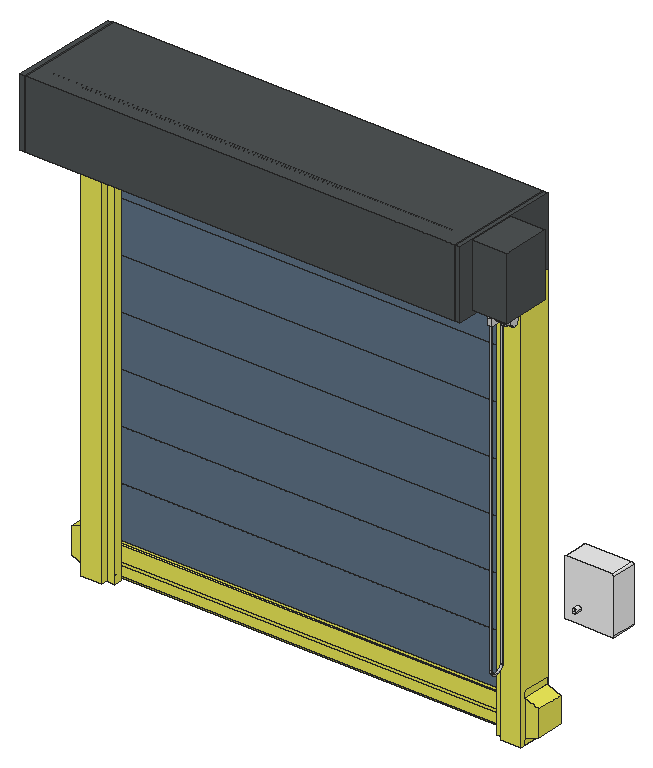
Revit family "Doors_Other_Overhead-Door-Corporation_High-Speed-Freezer-and-Cooler-Door-997_new_", category Specialty Equipment, host Wall, Revit 2019
Family settings
  Host = Wall
  Round Connector Dimension = Use Diameter
  Part Type = Normal
  OmniClass Number = 23.30.10.21.34
  OmniClass Title = Industrial Doors
  Always vertical = Yes
  Cut with Voids When Loaded = No
  Shared = No
  Room Calculation Point = No
Parameters (values of type "230 volts, three phase, 60 Hz (208-245V range)")
  Voltage Option = if(Voltage = 230 V, 1, if(Voltage = 460 V, 2, 3))  # 1
  True Width [instance] = [Door Width (Real)]  # 10' - 0"
  True Height [instance] = [Door Height (Real)]  # 10' - 0"
  Slat Height = 1' - 4"  # constant formula
  Product Page URL = "https://www.overheaddoor.com/high-speed-doors-997"
  Powder Coat (Note) = "PowderGuard® Premium powder coat options are available in approximately 200 colors as well as custom matching to specification. "  # constant formula
  Panel Material [instance] = Insulated Vinyl - Overhead Door - Blue
  Panel Length [instance] = [Door Width (Real)] + 0' 5"  # 10' - 5"
  Motor Cover [instance] = yes
  Hood Material = Metal - Overhead Door - Black
  Headroom Height [instance] = if(and([Door Height (Real)] > 8' 0", Air Curtain Option < 3), 3' 6", 3' 0")  # 3' - 6"
  External Transformer [instance] = if(Air Curtain Option = 2, 1 = 1, 1 = 2)  # no
  Door Width (Real) [instance] = if(Door Width > Max Door Width, Max Door Width, if(Door Width < Min Door Width, Min Door Width, Door Width))  # 10' - 0"
  Door Height (Real) [instance] = if(Door Height > Max Door Height, Max Door Height, if(Door Height < Min Door Height, Min Door Height, Door Height))  # 10' - 0"
  Rough Width [instance] = [Door Width (Real)]  # 10' - 0"
  Rough Height [instance] = [Door Height (Real)] - 0' 10 1/2"  # 9' - 1 1/2"
  Opening Width [instance] = Rough Width  # 10' - 0"
  Opening Height [instance] = Rough Height  # 9' - 1 1/2"
  Voltage = 230 V
  URL = "https://www.overheaddoor.com/"
  Product data url = "https://www.bimobject.com/overhead-door/product/high-speed-freezer-and-cooler-door-997"
  Product Guid = "a3f41e05-2add-4918-b262-bbceaf8db0d3"
  Power Factor = 1
  Number of Poles = 3
  Model = "997"  # constant formula
  Min Door Width [instance] = 4' - 0"  # constant formula
  Min Door Height [instance] = 4' - 0"  # constant formula
  Max Door Width [instance] = 12' - 0"  # constant formula
  Max Door Height [instance] = 18' - 0"  # constant formula
  Manufacturer = "Overhead Door Corporation"  # constant formula
  Frequency = 60 Hz  # constant formula
  Wall Closure = By host
  Floor To (CL) of Shaft [instance] = [Door Height (Real)] + Headroom Height - 0' 5 59/128"  # 13' - 0 69/128"
  Apparent Load Phase 3 [instance] = if(Number of Poles = 1, 0 VA, (Voltage * Current * sqrt(3)) / 3)  # 10623.2 VA
  Apparent Load Phase 2 [instance] = if(Number of Poles = 1, 0 VA, (Voltage * Current * sqrt(3)) / 3)  # 10623.2 VA
  Apparent Load Phase 1 [instance] = if(Number of Poles = 1, Voltage * Current, (Voltage * Current * sqrt(3)) / 3)  # 10623.2 VA
  Air Curtain Option [instance] = 1
  Additional Current W/O Air Curtain = if(Voltage = 460 V, 15 A, 20 A)  # 20 A
  Connector Description = "Rapidflex Large Control Panel"  # constant formula
  Finish Material = Finish - Overhead Door - Yellow
  Door Width [instance] = 10' - 0"
  Door Height [instance] = 10' - 0"
  Description = "RapidFreeze® Model 997 is an interior fabric high speed freezer and cooler door that features an insulated curtain to prevent heat loss and condensation in settings where temperatures vary greatly on either side of the door opening."  # constant formula
  Current [instance] = if(and(Voltage Option = 1, Air Curtain Option < 3), [Additional Current W/O Air Curtain] + 60 A, if(and(Voltage Option = 2, or(Air Curtain Option = 1, Air Curtain Option < 1)), [Additional Current W/O Air Curtain] + 30 A, if(and(Voltage Option = 2, Air Curtain Option = 2), [Additional Current W/O Air Curtain] + 60 A, if(and(Voltage Option = 3, or(Air Curtain Option = 1, Air Curtain Option < 1)), [Additional Current W/O Air Curtain] + 15 A, if(and(Voltage Option = 3, Air Curtain Option = 2), [Additional Current W/O Air Curtain] + 60 A, [Additional Current W/O Air Curtain])))))  # 80 A
  Backroom Depth [instance] = 2' - 10 1/2"  # constant formula
  Array [instance] = roundup((Rough Height + Headroom Height - 1' 9 41/128" - 0' 11 1/2") / Slat Height)  # 8
  Air Curtain Type [instance] = if(or(Air Curtain Option < 1, Air Curtain Option = 1), "Ambient Air Curtain", if(Air Curtain Option = 2, "Heated Air Curtain", "No Air Curtain"))  # "Ambient Air Curtain"
Types (3): name | Voltage Option | Voltage | Apparent Load Phase 3 | Apparent Load Phase 2 | Apparent Load Phase 1 | Additional Current W/O Air Curtain | Current
  230 volts, three phase, 60 Hz (208-245V range) | 1 | 230 V | 10623.2 VA | 10623.2 VA | 10623.2 VA | 20 A | 80 A
  460 volts, three phase, 60 Hz (456-495V range) | 2 | 460 V | 11951.2 VA | 11951.2 VA | 11951.2 VA | 15 A | 45 A
  575 volts, three phase, 60 Hz | 3 | 575 V | 11619.2 VA | 11619.2 VA | 11619.2 VA | 20 A | 35 A
Reference planes (in)
  plane 1 "Center (Front/Back)": y = 0
  plane 2 "Center (Left/Right)": x = 0
  plane 3 "Left": x = -60
  plane 4 "Right": x = 60
  plane 5 "Top": z = 120
  plane 6 "Exterior": y = 1.5
  plane 7 "Interior": y = -4.5
  plane 8: x = 60
  plane 9: x = -60
  plane 10: z = 109.5
  plane 11: z = 151.5
  plane 12 "Main": y = -9.75
  plane 13: y = -39
  plane 14 "Main Door Block": y = -4.5
  plane 15: z = 47.47
  plane 16: z = 11.5
  plane 17: z = 11.5
  plane 18: x = 62.5
  plane 19: x = -62.5
  plane 20: z = 27.5
  plane 21: z = 27.5
  plane 22: z = 43.5
  plane 23: y = -8.75
  plane 24: y = -10.815
  plane 25: z = 43.5
  plane 26: z = 59.5
  plane 27: z = 75.5
  plane 28: z = 91.5
  plane 29: z = 107.5
  plane 30: z = 123.5
Forms (in)
  Extrusion 1, solid, material "Insulated Vinyl - Overhead Door - Blue" <- "Panel Material"
    sketch origin (-62.5, -12, 0) x (0, 0, 1) y (0, -1, 0)
      loop
        line (27.5, -3.25) -> (27.5, -1.185) -> (11.5, -1.185) -> (11.5, -3.25) -> (27.5, -3.25)
    from 0 to 125 <- "Panel Length"
  Extrusion 2, solid, material "Insulated Vinyl - Overhead Door - Blue" <- "Panel Material"
    sketch origin (-62.5, -12, 16) x (0, 0, 1) y (0, -1, 0)
      loop
        line (27.5, -3.25) -> (27.5, -1.185) -> (11.5, -1.185) -> (11.5, -3.25) -> (27.5, -3.25)
    from 0 to 125 <- "Panel Length"
  Extrusion 3, solid, material "Insulated Vinyl - Overhead Door - Blue" <- "Panel Material"
    sketch origin (-62.5, -12, 32) x (0, 0, 1) y (0, -1, 0)
      loop
        line (27.5, -3.25) -> (27.5, -1.185) -> (11.5, -1.185) -> (11.5, -3.25) -> (27.5, -3.25)
    from 0 to 125 <- "Panel Length"
  Extrusion 4, solid, material "Insulated Vinyl - Overhead Door - Blue" <- "Panel Material"
    sketch origin (-62.5, -12, 48) x (0, 0, 1) y (0, -1, 0)
      loop
        line (27.5, -3.25) -> (27.5, -1.185) -> (11.5, -1.185) -> (11.5, -3.25) -> (27.5, -3.25)
    from 0 to 125 <- "Panel Length"
  Extrusion 5, solid, material "Insulated Vinyl - Overhead Door - Blue" <- "Panel Material"
    sketch origin (-62.5, -12, 64) x (0, 0, 1) y (0, -1, 0)
      loop
        line (27.5, -3.25) -> (27.5, -1.185) -> (11.5, -1.185) -> (11.5, -3.25) -> (27.5, -3.25)
    from 0 to 125 <- "Panel Length"
  Extrusion 6, solid, material "Insulated Vinyl - Overhead Door - Blue" <- "Panel Material"
    sketch origin (-62.5, -12, 80) x (0, 0, 1) y (0, -1, 0)
      loop
        line (27.5, -3.25) -> (27.5, -1.185) -> (11.5, -1.185) -> (11.5, -3.25) -> (27.5, -3.25)
    from 0 to 125 <- "Panel Length"
  Extrusion 7, solid, material "Insulated Vinyl - Overhead Door - Blue" <- "Panel Material"
    sketch origin (-62.5, -12, 96) x (0, 0, 1) y (0, -1, 0)
      loop
        line (27.5, -3.25) -> (27.5, -1.185) -> (11.5, -1.185) -> (11.5, -3.25) -> (27.5, -3.25)
    from 0 to 125 <- "Panel Length"
  Extrusion 8, solid, material "Insulated Vinyl - Overhead Door - Blue" <- "Panel Material"
    sketch origin (-62.5, -12, 112) x (0, 0, 1) y (0, -1, 0)
      loop
        line (27.5, -3.25) -> (27.5, -1.185) -> (11.5, -1.185) -> (11.5, -3.25) -> (27.5, -3.25)
    from 0 to 125 <- "Panel Length"
Lines and regions (in)
  Opening 1
    outline origin (-90, -4.5, 0) x (1, 0, 0) y (0, 0, 1)
      loop
        line (30, 0) -> (150, 0) -> (150, 109.5) -> (30, 109.5) -> (30, 0)
Text (in)
  text "Exterior" at (-74.96733, 27.31104, 0), in view "Ref. Level"
  text "Interior" at (-74.96733, -25.14366, 0), in view "Ref. Level"
  text "Exterior" at (0, 40.15149, 123.01588), in view "Right"
  text "Interior" at (0, -64.39139, 123.01588), in view "Right"
  text "Interior" at (0, -31.01599, 123.00693), in view "Left"
  text "Exterior" at (0, 54.57065, 123.00693), in view "Left"
Dimensions and locks (in)
  equal spacing: plane 3 "Left", plane 2 "Center (Left/Right)", plane 4 "Right"
  "Door Height (Real)": level to plane 5 "Top"
  "Door Width (Real)": plane 3 "Left" to plane 4 "Right"
  host wall to plane 5 "Top" = 10' - 0"
  level to host wall = 38' - 3.59655"
  "Rough Height": level to plane 10
  equal spacing: plane 9, plane 2 "Center (Left/Right)", plane 8
  "Rough Width": plane 8 to plane 9
  "Headroom Height": plane 10 to plane 11
  "Backroom Depth": plane 7 "Interior" to plane 13
  plane 10 to level = 9' - 1 1/2"
  locked: plane 14 "Main Door Block" to plane 12 "Main" at 5.25
  plane 1 "Center (Front/Back)" to plane 7 "Interior" = 0' - 4 1/2"
  locked: Extrusion 1 sketch curve to Extrusion 1 sketch curve at 2.065
  locked: Extrusion 1 sketch curve to plane 17 at 16
  locked: plane 9 to plane 19 at 2.5
  locked: plane 18 to plane 8 at 2.5
  locked: Extrusion 2 sketch curve to Extrusion 2 sketch curve at 2.065
  locked: Extrusion 2 sketch curve to plane 20 at 16
  equal spacing: group 1, group 2, group 3, group 4, group 5, group 6, group 7, group 8  (x3)
  locked: plane 16 to nested 1 at 11.5
  "Slat Height": plane 21 to plane 16
  "Slat Height": plane 22 to plane 21
  locked: plane 16 to level at 11.5
  locked: plane 23 to plane 12 "Main" at 1
  locked: plane 23 to plane 24 at 2.065
  locked: plane 6 "Exterior" to plane 1 "Center (Front/Back)" at 1.5
  locked: Extrusion 3 sketch curve to Extrusion 3 sketch curve at 2.065
  locked: Extrusion 3 sketch curve to plane 25 at 16
  locked: Extrusion 4 sketch curve to Extrusion 4 sketch curve at 2.065
  locked: Extrusion 4 sketch curve to plane 26 at 16
  equal spacing: plane 8, plane 2 "Center (Left/Right)", plane 9
  nested 1 to plane 10 = 1' - 8 87/128"
  locked: Extrusion 5 sketch curve to Extrusion 5 sketch curve at 2.065
  locked: Extrusion 5 sketch curve to plane 27 at 16
  locked: Extrusion 6 sketch curve to Extrusion 6 sketch curve at 2.065
  locked: Extrusion 6 sketch curve to plane 28 at 16
  locked: Extrusion 7 sketch curve to Extrusion 7 sketch curve at 2.065
  locked: Extrusion 7 sketch curve to plane 29 at 16
  locked: Extrusion 8 sketch curve to Extrusion 8 sketch curve at 2.065
  locked: Extrusion 8 sketch curve to plane 30 at 16
  aligned and locked: Opening 1 sketch curve to level
  aligned and locked: plane 6 "Exterior" to host wall
  aligned and locked: host wall to plane 7 "Interior"
  aligned and locked: plane 9 to Opening 1 sketch curve
  aligned and locked: plane 8 to Opening 1 sketch curve
  aligned and locked: Opening 1 sketch curve to plane 10
  aligned and locked: nested 1 to plane 7 "Interior"
  aligned and locked: nested 1 to plane 2 "Center (Left/Right)"
  aligned and locked: level to nested 1
  aligned and locked: plane 14 "Main Door Block" to plane 7 "Interior"
  aligned and locked: Extrusion 1 to plane 16
  aligned and locked: Extrusion 2 to plane 21
  aligned and locked: plane 22 to Extrusion 2
  aligned and locked: plane 24 to Extrusion 2
  aligned and locked: plane 24 to Extrusion 1
  aligned and locked: Extrusion 1 to plane 19
  aligned and locked: Extrusion 2 to plane 19
Automatic sketch dimensions
  Extrusion 1 sketch curve to plane 17 = 0' - 0"
  Extrusion 2 sketch curve to plane 20 = 0' - 0"
  Extrusion 3 sketch curve to plane 25 = 0' - 0"
  Extrusion 4 sketch curve to plane 26 = 0' - 0"
  Extrusion 5 sketch curve to plane 27 = 0' - 0"
  Extrusion 6 sketch curve to plane 28 = 0' - 0"
  Extrusion 7 sketch curve to plane 29 = 0' - 0"
  Extrusion 8 sketch curve to plane 30 = 0' - 0"
Nested families (in)
  nested 1: "Lifts" at (0, -4.5, 0) x (-1, 0, 0) z (0, 0, 1), Motor Cover <- "Motor Cover", Air Curtain Option <- "Air Curtain Option", type "Frame Unit"
    with Spool Radius 1' - 2", Rod 2 no, Rod 1 no, Right Motor Position yes, No Air Curtain yes, Motor Cover Off no, Motor Cover yes, Masking Region Right Motor no, Masking Region Left Motor no, Left Motor Position no, Header Option 1, Floor To (CL) of Shaft 12' - 2.04", Electric Operator Position 14' - 8.16", Air Curtain Option 1
Connectors (in)
  electrical at (88.08, -12.04, 48), driven by "Number of Poles", driven by "Voltage", driven by "Apparent Load Phase 1", driven by "Power Factor", driven by "Connector Description", driven by "Apparent Load Phase 2", driven by "Apparent Load Phase 3"
    settings: on nested 1, index 1, voltage 230 V, apparent load 0 VA, apparent load phase1 10623.2 VA, apparent load phase2 10623.2 VA, apparent load phase3 10623.2 VA, power factor 1, load classification "Other", number of poles 3, system type 31, power factor state 1, is connector primary yes, connector utility no, sub classification motor no, connector description "Rapidflex Large Control Panel"
Definition of nested family "Lifts"
  Parameters (values of type "Frame Unit")
    Spool Radius [instance] = if(or(Header Option < 1, Header Option = 1), 1' 2", 1' 5.7")  # 1' - 5.7"
    Shaft Material = none
    Rod 2 [instance] = if(and(not(Motor Cover), Right Motor Position), 1 = 1, 1 = 2)  # no
    Rod 1 [instance] = if(and(not(Motor Cover), Left Motor Position), 1 = 1, 1 = 2)  # no
    Right Motor Position [instance] = yes
    Opening Width = 10' - 0"
    No Air Curtain [instance] = if(Air Curtain Option > 2, 1 = 2, 1 = 1)  # yes
    Naked Header = not(Hood Option)  # no
    Motor Cover Off [instance] = not(Motor Cover)  # no
    Motor Cover [instance] = yes
    Masking Region Right Motor [instance] = if(and(Right Motor Position, Motor Cover Off), 1 = 1, 1 = 2)  # no
    Masking Region Left Motor [instance] = if(and(Left Motor Position, Motor Cover Off), 1 = 1, 1 = 2)  # no
    Left Motor Position [instance] = yes
    Hood Option = yes
    Hood Material = none
    Headroom Height = 3' - 6"
    Header Width = 2' - 10 1/2"
    Header Option [instance] = 2
    Header Height = 1' - 9 41/128"
    Guid Width = 0' - 9"
    External Transformer = no
    Electric Operator Position [instance] = if(Right Motor Position, (2' 4.08" * 2 + Opening Width), 0' 0")  # 14' - 8.16"
    Clearance = yes
    Opening Height = 9' - 1 1/2"
    Floor To (CL) of Shaft [instance] = Opening Height + Headroom Height - 0' 5.46"  # 12' - 2.04"
    Finish Material = none
    Analytic Construction = "<None>"
    Air Curtain Option [instance] = 1
  Reference planes (in)
    plane 1 "Center (Front/Back)": y = 0
    plane 2: z = 0
    plane 3 "Center (Left/Right)": x = 0
    plane 4 "Left": x = -60
    plane 5 "Right": x = 60
    plane 6 "Center Line of Shaft": z = 146.04
    plane 7 "Headroom Top": z = 151.5
    plane 8 "Opening Height": z = 109.5
    plane 9: x = -78
    plane 10 "Shaft": x = -75.54413
    plane 11 "Box": x = -88.08
    plane 12 "EBOX": z = 48
    plane 13: z = 39.09375
    plane 14: z = 56.90625
    plane 15: z = 43.5
    plane 16: y = 14.53
    plane 17: y = 7.54
    plane 18: z = 130.17969
    plane 19: y = 34.5
    plane 20: x = 78
    plane 21: x = 69
    plane 22: x = -69
    plane 23: x = -80.33
    plane 24: x = -95.83
    plane 25 "Center L/NN": x = 88.08
    plane 26: y = 5.2825
    plane 27: x = 62.5
    plane 28: x = -62.5
    plane 29: y = 0.437
    plane 30: y = 9.6225
    plane 31: y = 8.6825
    plane 32: y = 10.5625
    plane 33: y = 10.5625
    plane 34: y = 9.067
    plane 35: x = 58.5
    plane 36: x = -58.5
    plane 37: x = 70.5
    plane 38: x = -78
    plane 39: y = -21.1994
    plane 40: y = -20.6994
  Forms (in)
    Extrusion 1, solid, material <- "Shaft Material"
      sketch origin (0, 0, 0) x (0, 1, 0) y (0, 0, 1)
        loop
          circle (20.3, 146.04) r 0.78
      from -78 to 70.5
    Extrusion 2, solid, material <- "Hood Material"
      sketch origin (60, 0, 0) x (0, -1, 0) y (0, 0, 1)
        loop
          circle (-20.3, 146.04) r 2.5
      from -6.97 to -8.254
    Extrusion 3, solid
      sketch origin (-1.95651, 0, 0) x (1, 0, 0) y (0, 0, 1)
        loop
          line (-78.87349, 56.90625) -> (-93.37349, 56.90625)
          arc (-93.37349, 56.90625) -> (-93.72704, 56.7598) -> (-93.87349, 56.40625) r 0.5
          line (-93.87349, 56.40625) -> (-93.87349, 39.59375)
          arc (-93.87349, 39.59375) -> (-93.72704, 39.2402) -> (-93.37349, 39.09375) r 0.5
          line (-93.37349, 39.09375) -> (-78.87349, 39.09375)
          arc (-78.87349, 39.09375) -> (-78.51993, 39.2402) -> (-78.37349, 39.59375) r 0.5
          line (-78.37349, 39.59375) -> (-78.37349, 56.40625)
          arc (-78.37349, 56.40625) -> (-78.51993, 56.7598) -> (-78.87349, 56.90625) r 0.5
      from -7.54 to 0
    Revolve 4, solid, visible <- "Right Motor Position"
      sketch origin (-55.03203, -180, 43.5) x (-1, 0, 0) y (0, -1, 0)
        loop
          line (29.68797, -187.54) -> (28.93797, -187.54) -> (29.08797, -189.312) -> (29.68797, -189.312) -> (29.68797, -187.54)
        axis (29.68797, -187.54) -> (29.68797, -189.312)
      angle from 0 to 360
    Extrusion 5, solid, material <- "Finish Material"
      sketch origin (0, 0, 0) x (1, 0, 0) y (0, 1, 0)
        loop
          line (-69, 0) -> (-62.5, 0) -> (-62.5, 1.75) -> (-60, 1.75) -> (-60, 4.25) -> (-63.25, 4.25) -> (-63.25, 6.3125) -> (-60, 6.3125) -> (-60, 8.8125) -> (-62.5, 8.8125) -> (-62.5, 10.5625) -> (-69, 10.5625) -> (-69, 0)
        loop
          line (69, 0) -> (69, 10.5625) -> (62.5, 10.5625) -> (62.5, 8.8125) -> (60, 8.8125) -> (60, 6.3125) -> (63.25, 6.3125) -> (63.25, 4.25) -> (60, 4.25) -> (60, 1.75) -> (62.5, 1.75) -> (62.5, 0) -> (69, 0)
      from 0 to 130.17969
    Extrusion 6, solid, material <- "Hood Material", visible <- "Hood Option"
      sketch origin (0, 0, 0) x (0, 1, 0) y (0, 0, 1)
        loop
          line (0, 130.17969) -> (34.5, 130.17969) -> (34.5, 151.5) -> (0, 151.5) -> (0, 130.17969)
      from -67.475 to 67.475
    Extrusion 7, solid, material <- "Hood Material"
      sketch origin (0, 0, 0) x (1, 0, 0) y (0, 1, 0)
        loop
          line (69, 0) -> (69, 34.5) -> (67.475, 34.5) -> (67.475, 0) -> (69, 0)
        loop
          line (-69, 0) -> (-67.475, 0) -> (-67.475, 34.5) -> (-69, 34.5) -> (-69, 0)
      from 130.17969 to 151.5
    Extrusion 8, solid, material <- "Hood Material"
      sketch origin (-60, -60, 48) x (0, -1, 0) y (0, 0, 1)
        loop
          circle (-80.3, 98.04) r 2.5
      from 6.97 to 8.254
    Extrusion 9, solid, visible <- "External Transformer"
      sketch origin (0, 0, 48) x (1, 0, 0) y (0, 1, 0)
        loop
          line (-93.08, 0) -> (-83.08, 0) -> (-83.08, 0.125) -> (-84.58, 0.125) -> (-84.58, 7) -> (-91.58, 7) -> (-91.58, 0.125) -> (-93.08, 0.125) -> (-93.08, 0)
      from -22 to -10
    Extrusion 10, solid, material <- "Shaft Material"
      sketch origin (0, 0, 0) x (0, 1, 0) y (0, 0, 1)
        loop
          circle (7.77, 136.22) r 0.78
      from -70.5 to 70.5
    Extrusion 11, solid, material <- "Finish Material"
      sketch origin (0, 0, 0) x (0, 1, 0) y (0, 0, 1)
        loop
          arc (5.28066, 0.24186) -> (5.87463, 0.48789) -> (6.12066, 1.08186) r 0.84
          line (6.12066, 1.08186) -> (6.12066, 4.45647) -> (6.3125, 4.45647) -> (6.3125, 5.24849) -> (6.1825, 5.24849) -> (6.1825, 9.94196) -> (5.70511, 10.15451) -> (5.70511, 11.5) -> (4.95511, 11.5) -> (4.95511, 10.11927) -> (4.45511, 10.11927) -> (4.37974, 9.75525) -> (4.37974, 5.24849) -> (4.25, 5.24849) -> (4.25, 4.45647) -> (4.44434, 4.45647) -> (4.44434, 1.08186)
          arc (4.44434, 1.08186) -> (4.69037, 0.48789) -> (5.28434, 0.24186) r 0.84
      from -62.5 to 62.5
    Extrusion 12, solid, material <- "Finish Material"
      sketch origin (0, 0, 0) x (1, 0, 0) y (0, 0, 1)
        loop
          line (69, 15.5) -> (69, 0.24186) -> (69.12104, 0.24186) -> (69.12104, 2.04186) -> (73.24004, 3.80897) -> (73.24004, 11.933) -> (69.12104, 13.7) -> (69.12104, 15.5) -> (69, 15.5)
        loop
          line (-69, 15.5) -> (-69.12104, 15.5) -> (-69.12104, 13.7) -> (-73.24004, 11.933) -> (-73.24004, 3.80897) -> (-69.12104, 2.04186) -> (-69.12104, 0.24186) -> (-69, 0.24186) -> (-69, 15.5)
      from -9.067 to -0.437
    Extrusion 13, solid, material <- "Hood Material", visible <- "No Air Curtain"
      sketch origin (0, 0, 0) x (0, 1, 0) y (0, 0, 1)
        loop
          line (15.095, 121.13969) -> (21.144, 121.13969) -> (23.595, 125.66419) -> (21.144, 130.17969) -> (15.095, 130.17969) -> (15.095, 121.13969)
      from -58.5 to 58.5
    Extrusion 14, solid, material <- "Hood Material"
      sketch origin (60, -12, 0) x (0, -1, 0) y (0, 0, 1)
        loop
          circle (-19.77, 136.22) r 2.5
      from -6.97 to -8.254
    Extrusion 15, solid, material <- "Hood Material"
      sketch origin (-60, -72.25, 48) x (0, -1, 0) y (0, 0, 1)
        loop
          circle (-80.02, 88.22) r 2.5
      from 6.97 to 8.254
    Extrusion 16, void
      sketch origin (-94.955, 0.125, 48) x (1, 0, 0) y (0, 0, -1)
        loop
          line (11.875, 11) -> (10.375, 11) -> (10.375, 10) -> (14.02973, 10) -> (14.02973, 22) -> (10.375, 22) -> (10.375, 15.5) -> (11.875, 15.5) -> (11.875, 11)
        loop
          line (1.875, 15.5) -> (3.375, 15.5) -> (3.375, 22) -> (0.02973, 22) -> (0.02973, 10) -> (3.375, 10) -> (3.375, 11) -> (1.875, 11) -> (1.875, 15.5)
      from -0.125 to 6.875
  Cuts and joins
    Extrusion 16 cuts Extrusion 9
  Lines and regions (in)
    Masking region 1
      outline origin (0, 0, 0) x (1, 0, 0) y (0, 1, 0)
        loop
          line (-95.83, 0) -> (-80.33, 0) -> (-80.33, 7.54) -> (-95.83, 7.54) -> (-95.83, 0)
    Masking region 2, visible <- "Right Motor Position"
      outline origin (0, 0, 0) x (1, 0, 0) y (0, 1, 0)
        loop
          line (-83.97, 7.54) -> (-84.12, 9.312) -> (-85.32, 9.312) -> (-85.47, 7.54) -> (-83.97, 7.54)
    Masking region 3, visible <- "Hood Option"
      outline origin (0, 0, 0) x (1, 0, 0) y (0, 1, 0)
        loop
          line (69, 34.5) -> (-69, 34.5) -> (-69, 0) -> (69, 0) -> (69, 34.5)
    Masking region 4, visible <- "Naked Header"
      outline origin (0, 0, 0) x (1, 0, 0) y (0, 1, 0)
        loop
          line (-59.1721, 4.9297) -> (-59, 4.80919) -> (-59, 3.43021) -> (-59.1721, 3.3097) -> (59.1721, 3.3097) -> (59, 3.43021) -> (59, 4.80919) -> (59.1721, 4.9297) -> (-59.1721, 4.9297)
    Masking region 5, visible <- "Right Motor Position"
      outline origin (0, 0, 0) x (1, 0, 0) y (0, 1, 0)
        loop
          line (69, 21.08) -> (69, 19.52) -> (70.5, 19.52) -> (70.5, 21.08) -> (69, 21.08)
    Masking region 6
      outline origin (0, 0, 0) x (1, 0, 0) y (0, 1, 0)
        loop
          line (70.5, 8.55) -> (69, 8.55) -> (69, 6.98114) -> (70.5, 6.98114) -> (70.5, 8.55)
    Masking region 7, built-in parameter 1006206 <- "Left Motor Position"
      outline origin (0, 0, 0) x (1, 0, 0) y (0, 1, 0)
        loop
          line (-70.5, 8.55) -> (-70.5, 6.99454) -> (-69, 6.99454) -> (-69, 8.55) -> (-70.5, 8.55)
    Masking region 8, visible <- "Rod 2"
      outline origin (0, 0, 0) x (0, 1, 0) y (-1, 0, 0)
        loop
          line (21.08, 78) -> (19.52, 78) -> (19.52, 77.23047) -> (20.39891, 77.23047) -> (20.39891, 76.69922) -> (21.08, 76.69922) -> (21.08, 78)
        loop
          line (21.08, 69) -> (21.08, 70.92348) -> (20.90422, 70.92348) -> (20.90422, 72.158) -> (21.08, 72.158) -> (21.08, 72.758) -> (20.39, 72.758) -> (20.39, 72.218) -> (19.52, 72.218) -> (19.52, 69) -> (21.08, 69)
    Masking region 9
      outline origin (0, 0, 0) x (1, 0, 0) y (0, 1, 0)
        loop
          line (69, 9.067) -> (69, 8.55) -> (70.5, 8.55) -> (70.5, 6.98114) -> (69, 6.98114) -> (69, 0.437) -> (73.24004, 0.437) -> (73.24004, 9.067) -> (69, 9.067)
    Masking region 10
      outline origin (0, 0, 0) x (1, 0, 0) y (0, 1, 0)
        loop
          line (-69, 9.067) -> (-73.24004, 9.067) -> (-73.24004, 0.437) -> (-69, 0.437) -> (-69, 6.99454) -> (-70.5, 6.99454) -> (-70.5, 8.55) -> (-69, 8.55) -> (-69, 9.067)
    symbolic lines
      curve 1: line (-67.475, 34.5, 0) -> (-67.475, 0, 0)
      curve 2: line (67.475, 0, 0) -> (67.475, 34.5, 0)
  Dimensions and locks (in)
    equal spacing: plane 4 "Left", plane 3 "Center (Left/Right)", plane 5 "Right"
    "Opening Width": plane 4 "Left" to plane 5 "Right"
    "Opening Height": plane 8 "Opening Height" to level
    locked: level to plane 12 "EBOX" at 48
    locked: plane 11 "Box" to Revolve 4 sketch curve at 3.36
    equal spacing: plane 14, plane 12 "EBOX", plane 13
    locked: plane 12 "EBOX" to plane 15 at 4.5
    locked: plane 13 to plane 14 at 17.8125
    locked: plane 10 "Shaft" to plane 4 "Left" at 15.54413
    locked: plane 17 to plane 1 "Center (Front/Back)" at 7.54
    locked: Revolve 4 sketch curve to Revolve 4 sketch curve at 0.6
    locked: Revolve 4 sketch curve to Revolve 4 sketch curve at 0.75
    locked: plane 17 to Revolve 4 sketch curve at 1.772
    "Guid Width": Extrusion 5 sketch curve to plane 4 "Left"
    locked: plane 1 "Center (Front/Back)" to Extrusion 5 sketch curve at 10.5625  (x2)
    "Header Width": plane 1 "Center (Front/Back)" to Extrusion 6 sketch curve
    locked: Extrusion 6 to plane 4 "Left" at 7.475
    locked: plane 5 "Right" to Extrusion 6 at 7.475
    "Header Width": plane 1 "Center (Front/Back)" to Extrusion 7 sketch curve  (x2)
    "Header Width": plane 1 "Center (Front/Back)" to plane 19
    "Floor To (CL) of Shaft": plane 6 "Center Line of Shaft" to level
    plane 1 "Center (Front/Back)" to plane 16 = 1' - 2.53"
    locked: plane 22 to nested 1 at 5.729
    "Guid Width": plane 4 "Left" to plane 22
    "Guid Width": plane 5 "Right" to plane 21
    locked: plane 22 to Extrusion 7 sketch curve at 1.525
    locked: Extrusion 2 to plane 21 at 0.746
    locked: plane 22 to Extrusion 8 at 0.746
    locked: plane 11 "Box" to plane 24 at 7.75
    locked: plane 23 to plane 11 "Box" at 7.75
    locked: Masking region 5 sketch curve to Masking region 5 sketch curve at 1.56
    locked: plane 1 "Center (Front/Back)" to Extrusion 9 sketch curve at 0.125
    plane 11 "Box" to Extrusion 9 sketch curve = 0' - 3 1/2"
    Extrusion 9 sketch curve to plane 11 "Box" = 0' - 3 1/2"
    plane 1 "Center (Front/Back)" to Extrusion 9 sketch curve = 0' - 7"
    equal spacing: Masking region 1 sketch curve, plane 11 "Box", Masking region 1 sketch curve
    locked: Masking region 1 sketch curve to Masking region 1 sketch curve at 15.5
    Extrusion 1 sketch curve to plane 19 = 1' - 2.2"
    locked: Extrusion 2 sketch curve to plane 19 at 14.2
    locked: Extrusion 8 sketch curve to plane 19 at 14.2
    locked: plane 7 "Headroom Top" to Extrusion 10 sketch curve at 15.28
    Extrusion 10 sketch curve to plane 19 = 2' - 2.73"
    locked: Extrusion 5 sketch curve to plane 4 "Left" at 2.5
    locked: plane 5 "Right" to Extrusion 5 sketch curve at 2.5
    "Guid Width": plane 5 "Right" to Extrusion 5 sketch curve
    Extrusion 5 to plane 20 = 1' - 6"
    plane 9 to Extrusion 5 = 1' - 6"
    "Electric Operator Position": plane 25 "Center L/NN" to plane 11 "Box"
    locked: plane 5 "Right" to plane 25 "Center L/NN" at 28.08
    "Headroom Height": plane 7 "Headroom Top" to plane 8 "Opening Height"
    plane 7 "Headroom Top" to plane 6 "Center Line of Shaft" = 0' - 5.46"
    "Header Height": plane 7 "Headroom Top" to plane 18
    locked: plane 4 "Left" to plane 28 at 2.5
    locked: plane 5 "Right" to plane 27 at 2.5
    locked: Extrusion 12 sketch curve to Extrusion 12 sketch curve at 1.8  (x3)
    locked: Extrusion 12 sketch curve to level at 0.24186
    locked: Extrusion 12 sketch curve to plane 21 at 0.12104
    locked: Extrusion 12 sketch curve to Extrusion 12 sketch curve at 15.25814  (x2)
    locked: Extrusion 12 sketch curve to plane 21 at 4.24004
    locked: Extrusion 12 sketch curve to plane 2 at 0.24186
    locked: plane 22 to Extrusion 12 sketch curve at 4.24004
    locked: plane 29 to plane 1 "Center (Front/Back)" at 0.437
    locked: plane 34 to plane 29 at 8.63
    locked: plane 18 to Extrusion 13 sketch curve at 9.04
    locked: plane 1 "Center (Front/Back)" to Extrusion 13 sketch curve at 15.095
    locked: Extrusion 13 sketch curve to Extrusion 13 sketch curve at 4.5245
    locked: Extrusion 13 sketch curve to Extrusion 13 sketch curve at 6.049
    locked: Extrusion 13 sketch curve to Extrusion 13 sketch curve at 8.5
    locked: plane 35 to plane 5 "Right" at 1.5
    locked: plane 4 "Left" to plane 36 at 1.5
    locked: Extrusion 10 to plane 22 at 1.5
    locked: plane 21 to Extrusion 10 at 1.5
    locked: Masking region 8 sketch curve to plane 22 at 1.92348
    locked: Masking region 8 sketch curve to Masking region 8 sketch curve at 1.23452
    locked: Masking region 8 sketch curve to Masking region 8 sketch curve at 0.6
    locked: Extrusion 1 to Masking region 8 sketch curve at 1.30078
    locked: Masking region 8 sketch curve to Masking region 8 sketch curve at 0.68109
    locked: plane 19 to Extrusion 14 sketch curve at 26.73
    locked: plane 7 "Headroom Top" to Extrusion 14 sketch curve at 15.28
    locked: plane 7 "Headroom Top" to Extrusion 15 sketch curve at 15.28
    locked: plane 19 to Extrusion 15 sketch curve at 26.73
    locked: Masking region 8 sketch curve to Masking region 8 sketch curve at 0.87
    locked: plane 38 to plane 4 "Left" at 18
    locked: Masking region 8 sketch curve to Masking region 8 sketch curve at 3.218
    locked: plane 38 to Masking region 8 sketch curve at 0.76953
    locked: plane 21 to Masking region 9 sketch curve at 4.24004
    locked: plane 21 to Masking region 9 sketch curve at 1.5
    locked: Masking region 9 sketch curve to plane 34 at 0.517
    locked: Masking region 9 sketch curve to Masking region 9 sketch curve at 1.56886
    locked: Masking region 10 sketch curve to plane 22 at 4.24004
    locked: Masking region 10 sketch curve to plane 22 at 1.5
    locked: Masking region 10 sketch curve to plane 34 at 0.517
    locked: Masking region 10 sketch curve to Masking region 10 sketch curve at 1.55546
    locked: Extrusion 11 sketch curve to level at 11.5
    locked: Extrusion 11 sketch curve to plane 26 at 0.32739
    locked: Extrusion 11 sketch curve to Extrusion 11 sketch curve at 0.75
    locked: Extrusion 11 sketch curve to level at 4.45647
    locked: Extrusion 11 sketch curve to Extrusion 11 sketch curve at 0.79203
    locked: Extrusion 11 sketch curve to Extrusion 11 sketch curve at 1.67631
    locked: plane 37 to plane 21 at 1.5
    locked: Extrusion 9 sketch curve to plane 11 "Box" at 5
    locked: plane 11 "Box" to Extrusion 9 sketch curve at 5
    Extrusion 16 sketch curve to Extrusion 9 = 0' - 6 1/2"
    locked: Extrusion 7 sketch curve to plane 21 at 1.525
    locked: Extrusion 1 sketch curve to Extrusion 1 sketch curve (radius 0' - 0.78")
    radius of Extrusion 10 sketch curve = 0' - 0.78"
    locked: Revolve 4 to Masking region 2 sketch curve (angle 85.1614°)
    locked: Masking region 2 sketch curve to Revolve 4 (angle 85.1614°)
    locked: Extrusion 12 sketch curve to Extrusion 12 sketch curve (angle 113.219°)  (x2)
    locked: Extrusion 12 sketch curve to Extrusion 12 sketch curve (angle 113.22°)  (x2)
    aligned and locked: plane 2 to level
    aligned and locked: plane 6 "Center Line of Shaft" to Extrusion 1 sketch curve
    aligned and locked: Extrusion 3 to plane 1 "Center (Front/Back)"
    aligned and locked: Extrusion 3 sketch curve to plane 13
    aligned and locked: plane 14 to Extrusion 3 sketch curve
    aligned and locked: Revolve 4 sketch curve to Revolve 4 sketch curve
    aligned and locked: Revolve 4 sketch curve to plane 17
    aligned and locked: plane 1 "Center (Front/Back)" to Extrusion 6 sketch curve
    aligned and locked: Extrusion 6 sketch curve to plane 7 "Headroom Top"
    aligned and locked: Extrusion 6 to plane 18
    aligned and locked: plane 18 to Extrusion 6 sketch curve
    aligned and locked: plane 18 to Extrusion 5
    aligned and locked: Extrusion 7 sketch curve to plane 1 "Center (Front/Back)"  (x2)
    aligned and locked: plane 7 "Headroom Top" to Extrusion 7
    aligned and locked: Extrusion 7 to plane 18
    aligned and locked: Extrusion 3 to Masking region 1 sketch curve
    aligned and locked: Masking region 1 sketch curve to Extrusion 3
    aligned and locked: Masking region 2 sketch curve to Revolve 4  (x2)
    aligned and locked: curve 1 to Extrusion 6  (x2)
    aligned and locked: curve 2 to Extrusion 6
    aligned and locked: Masking region 3 sketch curve to Extrusion 6
    aligned and locked: Extrusion 6 to curve 2
    aligned and locked: Extrusion 7 sketch curve to plane 22
    aligned and locked: Extrusion 7 sketch curve to plane 21
    aligned and locked: Masking region 3 sketch curve to plane 22
    aligned and locked: plane 21 to Masking region 3 sketch curve
    aligned and locked: Masking region 3 sketch curve to plane 19
    aligned and locked: plane 23 to Extrusion 3 sketch curve
    aligned and locked: plane 24 to Extrusion 3 sketch curve
    aligned and locked: Masking region 5 sketch curve to Extrusion 1
    aligned and locked: Extrusion 9 sketch curve to plane 1 "Center (Front/Back)"
    aligned and locked: Extrusion 9 sketch curve to Extrusion 9 sketch curve
    aligned and locked: plane 7 "Headroom Top" to nested 1
    aligned and locked: Extrusion 5 sketch curve to plane 1 "Center (Front/Back)"  (x2)
    aligned and locked: plane 21 to Extrusion 5 sketch curve
    aligned and locked: plane 5 "Right" to Extrusion 5 sketch curve  (x2)
    aligned and locked: plane 4 "Left" to Extrusion 5 sketch curve  (x2)
    aligned and locked: Extrusion 5 sketch curve to Extrusion 5 sketch curve  (x2)
    aligned and locked: Extrusion 11 to plane 28
    aligned and locked: plane 27 to Extrusion 11
    aligned and locked: plane 21 to Extrusion 12 sketch curve
    aligned and locked: Extrusion 12 sketch curve to Extrusion 12 sketch curve
    aligned and locked: Extrusion 12 sketch curve to plane 22
    aligned and locked: plane 29 to Extrusion 12
    aligned and locked: Extrusion 12 to plane 34
    aligned and locked: Extrusion 13 to plane 35
    aligned and locked: plane 36 to Extrusion 13
    aligned and locked: Masking region 7 sketch curve to Extrusion 10
    aligned and locked: Masking region 7 sketch curve to plane 22
    aligned and locked: Masking region 5 sketch curve to plane 21
    aligned and locked: plane 22 to Masking region 8 sketch curve
    aligned and locked: Masking region 6 sketch curve to plane 21
    aligned and locked: Extrusion 1 to plane 37
    aligned and locked: plane 38 to Extrusion 1
    aligned and locked: Masking region 5 sketch curve to plane 37
    aligned and locked: Masking region 8 sketch curve to plane 38
    aligned and locked: plane 34 to Masking region 9 sketch curve
    aligned and locked: Masking region 9 sketch curve to plane 29
    aligned and locked: Masking region 9 sketch curve to plane 21  (x2)
    aligned and locked: Masking region 10 sketch curve to plane 34
    aligned and locked: Masking region 10 sketch curve to plane 22  (x2)
    aligned and locked: plane 29 to Masking region 10 sketch curve
    aligned and locked: Extrusion 11 sketch curve to Extrusion 11 sketch curve  (x2)
    aligned and locked: Extrusion 16 sketch curve to Extrusion 16 sketch curve
  Automatic sketch dimensions
    plane 19 to curve 2 = 0' - 0"
    plane 19 to curve 1 = 0' - 0"
    Extrusion 2 sketch curve to plane 6 "Center Line of Shaft" = 0' - 0"
    Extrusion 3 sketch curve to Extrusion 3 sketch curve = 0' - 0 1/2"
    Extrusion 3 sketch curve to plane 14 = 0' - 0 1/2"
    Extrusion 3 sketch curve to plane 23 = 0' - 0 1/2"  (x2)
    Revolve 4 sketch curve to plane 16 = 0' - 2.35505"
    Revolve 4 sketch curve to plane 29 = 0' - 2.63336"
    Extrusion 5 sketch curve to plane 28 = 0' - 0 3/4"
    plane 27 to Extrusion 5 sketch curve = 0' - 0 3/4"
    Extrusion 5 sketch curve to plane 29 = 0' - 1.313"  (x2)
    Extrusion 5 sketch curve to Extrusion 5 sketch curve = 0' - 2 1/2"  (x2)
    Extrusion 5 sketch curve to Extrusion 5 sketch curve = 0' - 2 1/16"  (x2)
    Extrusion 5 sketch curve to plane 31 = 0' - 0.13"  (x2)
    plane 11 "Box" to Masking region 2 sketch curve = 0' - 2.61"
    Masking region 2 sketch curve to Masking region 2 sketch curve = 0' - 1.2"
    Masking region 4 sketch curve to plane 36 = 0' - 0.6721"  (x2)
    Masking region 4 sketch curve to Masking region 4 sketch curve = 0' - 0.1721"  (x3)
    plane 35 to Masking region 4 sketch curve = 0' - 0 1/2"
    Masking region 4 sketch curve to plane 29 = 0' - 2.8727"
    Masking region 4 sketch curve to Masking region 4 sketch curve = 0' - 0.12051"  (x3)
    Masking region 4 sketch curve to Masking region 4 sketch curve = 0' - 1.37898"  (x2)
    Extrusion 8 sketch curve to plane 6 "Center Line of Shaft" = 0' - 0"
    Extrusion 12 sketch curve to plane 22 = 0' - 0.12104"  (x2)
    Extrusion 12 sketch curve to Extrusion 12 sketch curve = 0' - 3.567"
    Extrusion 13 sketch curve to plane 18 = 0' - 0"
    Extrusion 13 sketch curve to Extrusion 13 sketch curve = 0' - 2.451"
    Masking region 6 sketch curve to Masking region 6 sketch curve = 0' - 1 1/2"
    plane 31 to Masking region 6 sketch curve = 0' - 1.70136"
    plane 31 to Masking region 6 sketch curve = 0' - 0.1325"
    plane 31 to Masking region 7 sketch curve = 0' - 1.68796"
    plane 31 to Masking region 7 sketch curve = 0' - 0.1325"
    Masking region 8 sketch curve to Masking region 8 sketch curve = 0' - 0 45/256"  (x2)
    Extrusion 11 sketch curve to plane 26 = 0' - 1.0325"
    Extrusion 11 sketch curve to plane 26 = 0' - 0.90276"
    Extrusion 11 sketch curve to Extrusion 11 sketch curve = 0' - 0.07537"
    plane 26 to Extrusion 11 sketch curve = 0' - 0.00184"
    Extrusion 11 sketch curve to Extrusion 11 sketch curve = 0' - 0.47739"
    Extrusion 11 sketch curve to Extrusion 11 sketch curve = 0' - 0.13"
    level to Extrusion 11 sketch curve = 0' - 1.08186"
    Extrusion 11 sketch curve to Extrusion 11 sketch curve = 0' - 0.18671"
    Extrusion 11 sketch curve to Extrusion 11 sketch curve = 0' - 0.36401"
    Extrusion 11 sketch curve to Extrusion 11 sketch curve = 0' - 0.21255"
    Extrusion 11 sketch curve to Extrusion 11 sketch curve = 0' - 1.34549"
    Extrusion 11 sketch curve to plane 26 = 0' - 0.00184"
    Extrusion 11 sketch curve to Extrusion 11 sketch curve = 0' - 0"
    Extrusion 11 sketch curve to Extrusion 11 sketch curve = 0' - 0.19184"
    Masking region 8 sketch curve to plane 16 = 0' - 4.99"  (x2)
    Masking region 8 sketch curve to Masking region 8 sketch curve = 0' - 0 225/256"
    Masking region 8 sketch curve to Masking region 8 sketch curve = 0' - 0.51422"
    Extrusion 16 sketch curve to Extrusion 9 = 0' - 0"  (x5)
    Extrusion 9 to Extrusion 16 sketch curve = 0' - 0"  (x2)
    Extrusion 9 to Extrusion 16 sketch curve = 0' - 1.84527"
    Extrusion 9 to Extrusion 16 sketch curve = 0' - 1"
    Extrusion 16 sketch curve to Extrusion 9 = 0' - 7"
    Extrusion 16 sketch curve to Extrusion 16 sketch curve = 0' - 1 1/2"  (x2)
    Extrusion 16 sketch curve to Extrusion 16 sketch curve = 0' - 2.15473"
    Extrusion 16 sketch curve to Extrusion 16 sketch curve = 0' - 1"
    radius of Extrusion 2 sketch curve = 0' - 2 1/2"
    radius of Extrusion 8 sketch curve = 0' - 2 1/2"
    radius of Extrusion 14 sketch curve = 0' - 2 1/2"
    radius of Extrusion 15 sketch curve = 0' - 2 1/2"
  Nested families (in)
    nested 1: "General Motor" at (-74.729, 15.5, 145.699), visible <- "Right Motor Position", Motor Cover <- "Motor Cover", type "Family2"
      with Motor Cover Off no, Motor Cover yes, Floor To Cl Shaft 12' - 2.04"
  Definition of nested family "General Motor"
    Parameters (values of type "Family2")
      Shaft Material = none
      Opening Height = 9' - 1 1/2"
      Motor Cover Off [instance] = not(Motor Cover)  # no
      Motor Cover [instance] = yes
      Hood Material = none
      Floor To Cl Shaft = 8' - 2.041"
      Finish Material = none
      Default Elevation = 4' - 0"
      Chain Length = CL of Shaft - 4' 0" - 1' 7.31"  # 6' - 6.73"
      CL of Shaft = 12' - 2.04"
      Amount of Panels = 5
    Reference planes (in)
      plane 1 "Center (Front/Back)": y = 0
      plane 2: z = 0
      plane 3 "Center (Left/Right)": x = 0
      plane 4: z = 5.335
      plane 5: z = -18.546
      plane 6: z = -17.165
      plane 7: z = -19.311
      plane 8: z = -68.041
      plane 9: x = 5.729
      plane 10: z = -5.699
      plane 11: x = -5.27
      plane 12: z = -98.041
    Forms (in)
      Revolve 1, solid, material <- "Shaft Material"
        sketch origin (0, 0, -153.29) x (0, 0, -1) y (0, -1, 0)
          loop
            line (-158.625, -8.066) -> (-134.744, -8.066) -> (-134.744, -6.99312) -> (-136.091, -6.365) -> (-138.289, -6.365) -> (-138.289, -5.714) -> (-140.769, -5.586) -> (-142.108, -5.519) -> (-146.951, -5.519) -> (-148.093, -5.704) -> (-148.349, -5.704) -> (-156.66, -5.468) -> (-158.625, -5.468) -> (-158.625, -8.066)
          axis (-134.744, -8.066) -> (-158.625, -8.066)
        angle from 0 to 360
      Extrusion 2, solid, material <- "Shaft Material"
        sketch origin (0, 0, -153.29) x (0, 0, -1) y (0, -1, 0)
          loop
            line (-142.108, -13.875) -> (-142.108, -7.875) -> (-146.951, -7.875) -> (-146.951, -13.875) -> (-142.108, -13.875)
        from -2.5 to 2.5
      Extrusion 3, solid
        sketch origin (51.311, 0, 0) x (-1, 0, 0) y (0, -1, 0)
          loop
            line (45.582, -1.755) -> (45.582, -3.496) -> (45.832, -3.496) -> (45.832, -1.82199) -> (46.73959, -0.25) -> (52.45925, -0.25) -> (52.45925, 0) -> (46.59525, 0) -> (45.582, -1.755)
        from -4.56 to 4.56
      Extrusion 4, void
        sketch origin (51.311, 0, -153.29) x (1, 0, 0) y (0, 0, 1)
          loop
            line (-48.772, 148.73) -> (-52.45925, 148.73) -> (-52.45925, 149.98) -> (-50.72525, 149.98) -> (-50.72525, 156.6) -> (-52.45925, 156.6) -> (-52.45925, 157.85) -> (-48.772, 157.85) -> (-45.582, 157.0155) -> (-45.582, 159.2655) -> (-55.082, 159.2655) -> (-55.082, 147.3145) -> (-45.582, 147.3145) -> (-45.582, 149.5645) -> (-48.772, 148.73)
        from -15.80227 to 5
      Extrusion 5, solid, material <- "Shaft Material"
        sketch origin (0, 0, -153.29) x (0, 0, -1) y (0, -1, 0)
          loop
            line (-143.525, -4.641) -> (-143.525, -1.441) -> (-148.515, -1.18157) -> (-148.84, -1.18157) -> (-148.84, -1.57157) -> (-150.11271, -1.57157) -> (-150.11271, -4.51043) -> (-148.84, -4.51043) -> (-148.84, -4.90043) -> (-148.515, -4.90043) -> (-143.525, -4.641)
        from -2.5 to 2.5
      Extrusion 6, void
        sketch origin (51.311, 0, -153.29) x (1, 0, 0) y (0, 0, 1)
          loop
            line (-48.811, 148.515) -> (-49.24757, 143.525) -> (-53.37443, 143.525) -> (-53.811, 148.515) -> (-55.811, 148.515) -> (-55.811, 142.515) -> (-46.811, 142.515) -> (-46.811, 148.515) -> (-48.811, 148.515)
        from -4.90043 to -1.18157
      Extrusion 7, solid, material <- "Shaft Material"
        sketch origin (0, 0, -153.29) x (0, 0, -1) y (0, -1, 0)
          loop
            line (-149.944, -0.25) -> (-156.636, -0.25) -> (-156.636, -9.069) -> (-149.944, -9.069) -> (-149.944, -0.25)
        from -1.97 to 1.97
      Extrusion 8, solid, material <- "Shaft Material"
        sketch origin (6.36891, 0, -153.29) x (0, 0, -1) y (0, -1, 0)
          loop
            line (-133.979, -10.6) -> (-133.979, -5.4) -> (-136.125, -5.4)
            arc (-136.125, -5.4) -> (-138.725, -8) -> (-136.125, -10.6) r 2.6
            line (-136.125, -10.6) -> (-133.979, -10.6)
        from 2.565 to 3.79891
      Extrusion 9, solid, material <- "Shaft Material"
        sketch origin (0, 0, -153.29) x (0, 0, -1) y (0, -1, 0)
          loop
            circle (-136.09491, -8.066) r 1.34
        from -2.57 to 2.565
      Sweep 10, solid, material <- "Shaft Material"
        path origin (6.36891, 0, -153.29) x (0, 0, -1) y (0, -1, 0)
          loop
            line (-133.979, -10.4375) -> (-85.249, -10.4375)
            arc (-85.249, -10.4375) -> (-82.8115, -8) -> (-85.249, -5.5625) r 2.4375
            line (-85.249, -5.5625) -> (-133.979, -5.5625)
        profile origin (6.36891, 10.4375, -43.676) x (-1, 0, 0) y (0, -1, 0)
          loop
            circle (3.18196, 0.2675) r 0.2675
      Extrusion 11, solid, material <- "Hood Material", visible <- "Motor Cover"
        sketch origin (5.729, 1.755, 48) x (0, -1, 0) y (0, 0, 1)
          loop
            line (-12.745, -42.199) -> (-12.745, -61.969) -> (2.255, -61.969) -> (2.255, -42.199) -> (-12.745, -42.199)
        from 10.999 to 0
      Extrusion 12, void
        sketch origin (5.729, 1.755, 48) x (0, -1, 0) y (0, 0, 1)
          loop
            line (-2.645, -65.432) -> (-2.645, -44.63) -> (-9.977, -44.63) -> (-9.977, -65.432) -> (-2.645, -65.432)
        from 1.92509 to 8.35492
    Cuts and joins
      Extrusion 4 cuts Extrusion 3
      Extrusion 6 cuts Extrusion 5
      Extrusion 12 cuts Extrusion 11
    Lines and regions (in)
      Masking region 1, visible <- "Motor Cover Off"
        outline origin (0, 0, 0) x (1, 0, 0) y (0, 1, 0)
          loop
            line (-2.5, 13.875) -> (-2.5, 9.406) -> (-2.565, 9.406) -> (-2.565, 6.726) -> (-2.22576, 6.726)
            arc (-2.22576, 6.726) -> (-2.10532, 6.54376) -> (-1.97, 6.37228) r 2.598
            line (-1.97, 6.37228) -> (-1.97, 4.90043) -> (-2.5, 4.90043) -> (-2.5, 1.18157) -> (-1.97, 1.18157) -> (-1.97, 0.25881) -> (1.97, 0.25881) -> (1.97, 1.18157) -> (2.5, 1.18157) -> (2.5, 4.90043) -> (1.97, 4.90043) -> (1.97, 6.37228)
            arc (1.97, 6.37228) -> (2.10532, 6.54376) -> (2.22576, 6.726) r 2.598
            line (2.22576, 6.726) -> (2.565, 6.726) -> (2.565, 5.4) -> (3.79891, 5.4) -> (3.79891, 10.6) -> (2.565, 10.6) -> (2.565, 9.406) -> (2.5, 9.406) -> (2.5, 13.875) -> (-2.5, 13.875)
          loop
            line (5.479, 3.496) -> (5.479, 1.82199) -> (4.57141, 0.25) -> (-1.14825, 0.25) -> (-1.14825, 0) -> (4.71575, 0) -> (5.729, 1.755) -> (5.729, 3.496) -> (5.479, 3.496)
      Masking region 2, visible <- "Motor Cover Off"
        outline origin (0, 0, 0) x (1, 0, 0) y (0, 1, 0)
          loop
            circle (0, 8.066) r 2.598
          loop
            line (-2.5, 4.90043) -> (-2.5, 4.51043) -> (-1.97, 4.51043) -> (-1.97, 4.90043) -> (-2.5, 4.90043)
          loop
            line (-2.5, 1.57157) -> (-2.5, 1.18157) -> (-1.97, 1.18157) -> (-1.97, 1.57157) -> (-2.5, 1.57157)
          loop
            line (1.97, 1.57157) -> (1.97, 1.18157) -> (2.5, 1.18157) -> (2.5, 1.57157) -> (1.97, 1.57157)
          loop
            line (1.97, 4.90043) -> (1.97, 4.51043) -> (2.5, 4.51043) -> (2.5, 4.90043) -> (1.97, 4.90043)
      Masking region 3, visible <- "Motor Cover"
        outline origin (0, 0, 0) x (1, 0, 0) y (0, 1, 0)
          loop
            line (5.729, 16.7) -> (-4.611, 16.7) -> (-4.611, -0.5) -> (5.729, -0.5) -> (5.729, 16.7)
      symbolic lines, visible <- "Motor Cover Off"
        curve 1: line (-1.97, 6.37228, 0) -> (-1.97, 0.626, 0)
        curve 2: line (1.97, 6.37228, 0) -> (1.97, 0.626, 0)
        curve 3: line (2.5, 13.875, 0) -> (2.5, 8.77283, 0)
        curve 4: line (2.57, 7.6856, 0) -> (2.57, 5.4, 0)
        curve 5: line (2.565, 9.406, 0) -> (2.565, 8.47877, 0)
        curve 6: line (-2.5, 9.406, 0) -> (-2.5, 8.77283, 0)
    Dimensions and locks (in)
      locked: plane 4 to plane 5 at 23.881
      locked: Extrusion 7 sketch curve to Extrusion 7 sketch curve at 8.819
      locked: Extrusion 8 sketch curve to plane 6 at 2.146
      locked: level to plane 7 at 19.311
      locked: plane 3 "Center (Left/Right)" to plane 9 at 5.729
      locked: Extrusion 11 sketch curve to Extrusion 11 sketch curve at 15
      locked: Extrusion 11 sketch curve to plane 1 "Center (Front/Back)" at 0.5
      locked: plane 1 "Center (Front/Back)" to Extrusion 12 sketch curve at 4.4
      locked: plane 1 "Center (Front/Back)" to Extrusion 12 sketch curve at 11.732
      locked: Extrusion 12 sketch curve to level at 3.37
      locked: level to Extrusion 12 sketch curve at 17.432
      locked: Extrusion 11 sketch curve to Extrusion 11 sketch curve at 19.77
      locked: Extrusion 11 sketch curve to level at 5.801
      locked: plane 3 "Center (Left/Right)" to plane 11 at 5.27
      locked: plane 8 to plane 12 at 30
      "Floor To Cl Shaft": level to plane 12
      aligned and locked: plane 2 to level
      aligned and locked: Revolve 1 sketch curve to plane 4
      aligned and locked: plane 5 to Revolve 1 sketch curve
      aligned and locked: plane 4 to Revolve 1 sketch curve
      aligned and locked: Revolve 1 sketch curve to Revolve 1 sketch curve
      aligned and locked: plane 7 to Sweep 10 sketch curve  (x2)
      aligned and locked: plane 8 to Sweep 10 sketch curve  (x2)
      aligned and locked: Extrusion 11 to plane 9
      aligned and locked: plane 11 to cut or joined group of Extrusion 11, Extrusion 12
    Automatic sketch dimensions
      Revolve 1 sketch curve to plane 5 = 0' - 0"
      Revolve 1 sketch curve to plane 4 = 0' - 1.965"
      Revolve 1 sketch curve to level = 0' - 4.941"
      Revolve 1 sketch curve to Revolve 1 sketch curve = 0' - 0.256"
      Revolve 1 sketch curve to Revolve 1 sketch curve = 0' - 1.142"
      Revolve 1 sketch curve to Revolve 1 sketch curve = 0' - 4.843"
      Revolve 1 sketch curve to Revolve 1 sketch curve = 0' - 1.339"
      Revolve 1 sketch curve to Revolve 1 sketch curve = 0' - 2.48"
      plane 5 to Revolve 1 sketch curve = 0' - 1.347"
      Revolve 1 sketch curve to plane 1 "Center (Front/Back)" = 0' - 8.066"
      Revolve 1 sketch curve to Revolve 1 sketch curve = 0' - 1.07288"
      Revolve 1 sketch curve to Revolve 1 sketch curve = 0' - 0.62812"
      Revolve 1 sketch curve to Revolve 1 sketch curve = 0' - 0.651"
      Revolve 1 sketch curve to plane 1 "Center (Front/Back)" = 0' - 5.704"
      Revolve 1 sketch curve to Revolve 1 sketch curve = 0' - 0.128"
      Revolve 1 sketch curve to Revolve 1 sketch curve = 0' - 0.067"
      Revolve 1 sketch curve to Revolve 1 sketch curve = 0' - 2.598"
      Extrusion 2 sketch curve to level = 0' - 6.339"
      Extrusion 2 sketch curve to Extrusion 2 sketch curve = 0' - 4.843"
      Extrusion 2 sketch curve to plane 1 "Center (Front/Back)" = 1' - 1 7/8"
      Extrusion 2 sketch curve to Extrusion 2 sketch curve = 0' - 6"
      plane 1 "Center (Front/Back)" to Extrusion 3 sketch curve = 0' - 0"
      Extrusion 3 sketch curve to plane 1 "Center (Front/Back)" = 0' - 1.755"
      plane 3 "Center (Left/Right)" to Extrusion 3 sketch curve = 0' - 5.729"
      Extrusion 3 sketch curve to Extrusion 3 sketch curve = 0' - 0 1/4"  (x2)
      Extrusion 3 sketch curve to Extrusion 3 sketch curve = 0' - 0.76325"
      Extrusion 3 sketch curve to Extrusion 3 sketch curve = 0' - 0.14434"
      Extrusion 3 sketch curve to plane 3 "Center (Left/Right)" = 0' - 1.14825"
      Extrusion 3 sketch curve to Extrusion 3 sketch curve = 0' - 0.06699"
      Extrusion 3 sketch curve to Extrusion 3 sketch curve = 0' - 1.67401"
      Extrusion 4 sketch curve to plane 3 "Center (Left/Right)" = 0' - 3.771"
      Extrusion 4 sketch curve to plane 3 "Center (Left/Right)" = 0' - 1.14825"  (x2)
      plane 3 "Center (Left/Right)" to Extrusion 4 sketch curve = 0' - 0.58575"
      Extrusion 4 sketch curve to Extrusion 4 sketch curve = 0' - 1.95325"  (x2)
      Extrusion 4 sketch curve to Extrusion 4 sketch curve = 0' - 3.19"  (x2)
      Extrusion 4 sketch curve to level = 0' - 5.9755"
      Extrusion 4 sketch curve to Extrusion 4 sketch curve = 0' - 1.4155"
      Extrusion 4 sketch curve to Extrusion 4 sketch curve = 0' - 2 1/4"  (x2)
      Extrusion 4 sketch curve to Extrusion 4 sketch curve = 0' - 1 1/4"  (x2)
      level to Extrusion 4 sketch curve = 0' - 3.31"
      level to Extrusion 4 sketch curve = 0' - 3.7255"
      Extrusion 5 sketch curve to level = 0' - 3.17729"
      Extrusion 5 sketch curve to Extrusion 5 sketch curve = 0' - 1.27271"  (x2)
      Extrusion 5 sketch curve to plane 1 "Center (Front/Back)" = 0' - 1.18157"
      Extrusion 5 sketch curve to Extrusion 5 sketch curve = 0' - 0.325"  (x2)
      Extrusion 5 sketch curve to plane 1 "Center (Front/Back)" = 0' - 1.441"
      Extrusion 5 sketch curve to Extrusion 5 sketch curve = 0' - 4.99"
      Extrusion 5 sketch curve to Extrusion 5 sketch curve = 0' - 0.39"  (x2)
      Extrusion 5 sketch curve to Extrusion 5 sketch curve = 0' - 2.93885"
      Extrusion 5 sketch curve to Extrusion 5 sketch curve = 0' - 3.2"
      Extrusion 6 sketch curve to plane 3 "Center (Left/Right)" = 0' - 4 1/2"
      Extrusion 6 sketch curve to Extrusion 6 sketch curve = 0' - 2"
      Extrusion 6 sketch curve to plane 3 "Center (Left/Right)" = 0' - 2.06343"
      plane 3 "Center (Left/Right)" to Extrusion 6 sketch curve = 0' - 2.06343"
      plane 3 "Center (Left/Right)" to Extrusion 6 sketch curve = 0' - 2 1/2"
      Extrusion 6 sketch curve to Extrusion 6 sketch curve = 0' - 2.43657"
      Extrusion 6 sketch curve to level = 0' - 10.775"
      Extrusion 6 sketch curve to Extrusion 6 sketch curve = 0' - 1.01"
      Extrusion 6 sketch curve to level = 0' - 4.775"  (x2)
      Extrusion 7 sketch curve to plane 1 "Center (Front/Back)" = 0' - 0 1/4"
      level to Extrusion 7 sketch curve = 0' - 3.346"
      Extrusion 7 sketch curve to level = 0' - 3.346"
      Extrusion 8 sketch curve to plane 6 = 0' - 0"
      Extrusion 8 sketch curve to plane 1 "Center (Front/Back)" = 0' - 10.6"
      Extrusion 8 sketch curve to Extrusion 8 sketch curve = 0' - 2.6"
      Extrusion 9 sketch curve to plane 1 "Center (Front/Back)" = 0' - 8.066"
      Extrusion 9 sketch curve to level = 1' - 5.19509"
      Sweep 10 sketch curve to profile plane = 0' - 0.2675"
      profile plane to Sweep 10 sketch curve = 0' - 3.18196"
      Masking region 2 sketch curve to plane 3 "Center (Left/Right)" = 0' - 0"
      Masking region 2 sketch curve to plane 3 "Center (Left/Right)" = 0' - 1.97"  (x2)
      Masking region 2 sketch curve to Masking region 2 sketch curve = 0' - 0.53"  (x4)
      plane 3 "Center (Left/Right)" to Masking region 2 sketch curve = 0' - 1.97"  (x2)
      Masking region 2 sketch curve to plane 1 "Center (Front/Back)" = 0' - 1.18157"  (x2)
      Masking region 2 sketch curve to Masking region 2 sketch curve = 0' - 0.39"  (x4)
      Masking region 2 sketch curve to Masking region 2 sketch curve = 0' - 2.93885"  (x2)
      Masking region 2 sketch curve to Masking region 2 sketch curve = 0' - 3.16557"
      Masking region 1 sketch curve to Masking region 1 sketch curve = 0' - 0"  (x2)
      plane 1 "Center (Front/Back)" to Masking region 1 sketch curve = 0' - 0"
      Masking region 1 sketch curve to plane 3 "Center (Left/Right)" = 0' - 0"
      Masking region 1 sketch curve to plane 1 "Center (Front/Back)" = 0' - 0 1/4"
      Masking region 1 sketch curve to plane 3 "Center (Left/Right)" = 0' - 1.14825"
      Masking region 1 sketch curve to plane 3 "Center (Left/Right)" = 0' - 1.97"
      Masking region 1 sketch curve to Masking region 1 sketch curve = 0' - 0.82175"
      Masking region 1 sketch curve to Masking region 1 sketch curve = 0' - 0.25576"  (x2)
      Masking region 1 sketch curve to Masking region 1 sketch curve = 0' - 0.53"  (x2)
      Masking region 1 sketch curve to plane 3 "Center (Left/Right)" = 0' - 2 1/2"
      plane 3 "Center (Left/Right)" to Masking region 1 sketch curve = 0' - 1.97"  (x2)
      plane 3 "Center (Left/Right)" to Masking region 1 sketch curve = 0' - 2 1/2"
      Masking region 1 sketch curve to Masking region 1 sketch curve = 0' - 0.33924"  (x2)
      Masking region 1 sketch curve to Masking region 1 sketch curve = 0' - 0.065"
      Masking region 1 sketch curve to Masking region 1 sketch curve = 0' - 1.23391"
      Masking region 1 sketch curve to Masking region 1 sketch curve = 0' - 2.07141"
      Masking region 1 sketch curve to Masking region 1 sketch curve = 0' - 0.14434"
      Masking region 1 sketch curve to Masking region 1 sketch curve = 0' - 1.68009"
      Masking region 1 sketch curve to Masking region 1 sketch curve = 0' - 0 1/4"
      Masking region 1 sketch curve to plane 1 "Center (Front/Back)" = 0' - 0.25881"
      Masking region 1 sketch curve to Masking region 1 sketch curve = 0' - 0.92276"  (x2)
      Masking region 1 sketch curve to plane 1 "Center (Front/Back)" = 0' - 1.755"
      Masking region 1 sketch curve to Masking region 1 sketch curve = 0' - 0.06699"
      Masking region 1 sketch curve to Masking region 1 sketch curve = 0' - 1.67401"
      Masking region 1 sketch curve to Masking region 1 sketch curve = 0' - 3.71885"  (x2)
      Masking region 1 sketch curve to Masking region 1 sketch curve = 0' - 0.49957"
      Masking region 1 sketch curve to Masking region 1 sketch curve = 0' - 0.97228"
      Masking region 1 sketch curve to Masking region 1 sketch curve = 0' - 1.47185"
      Masking region 1 sketch curve to Masking region 1 sketch curve = 0' - 0.35372"
      Masking region 1 sketch curve to Masking region 1 sketch curve = 0' - 2.68"  (x2)
      Masking region 1 sketch curve to Masking region 1 sketch curve = 0' - 1.194"
      Masking region 1 sketch curve to Masking region 1 sketch curve = 0' - 4.469"
      curve 6 to plane 3 "Center (Left/Right)" = 0' - 2 1/2"
      curve 1 to plane 1 "Center (Front/Back)" = 0' - 0.626"
      curve 1 to plane 3 "Center (Left/Right)" = 0' - 1.97"
      curve 2 to plane 1 "Center (Front/Back)" = 0' - 0.626"
      plane 3 "Center (Left/Right)" to curve 2 = 0' - 1.97"
      curve 2 to curve 3 = 0' - 0.53"
      curve 3 to curve 5 = 0' - 0.065"
      curve 5 to curve 4 = 0' - 0.005"
      curve 2 to curve 4 = 0' - 4.774"
      curve 4 to curve 2 = 0' - 0.97228"
      curve 1 to curve 2 = 0' - 0"
      curve 2 to curve 4 = 0' - 1.31333"
      curve 4 to curve 5 = 0' - 0.79317"
      curve 1 to curve 6 = 0' - 2.40055"
      curve 5 to curve 3 = 0' - 0.29406"
      curve 6 to curve 6 = 0' - 0.63317"
      curve 3 to curve 5 = 0' - 0.63317"
      curve 5 to curve 3 = 0' - 4.469"
      Masking region 3 sketch curve to plane 9 = 0' - 0"
      Masking region 3 sketch curve to plane 11 = 0' - 0.659"
      plane 1 "Center (Front/Back)" to Masking region 3 sketch curve = 0' - 0 1/2"
      Masking region 3 sketch curve to plane 1 "Center (Front/Back)" = 1' - 4.7"
      Sweep 10 sketch curve to plane 1 "Center (Front/Back)" = 0' - 10 7/16"
      Sweep 10 sketch curve to Sweep 10 sketch curve = 0' - 2 7/16"
      radius of Extrusion 9 sketch curve = 0' - 1.34"
      radius of Sweep 10 sketch curve = 0' - 0.2675"
      radius of Masking region 2 sketch curve = 0' - 2.598"
